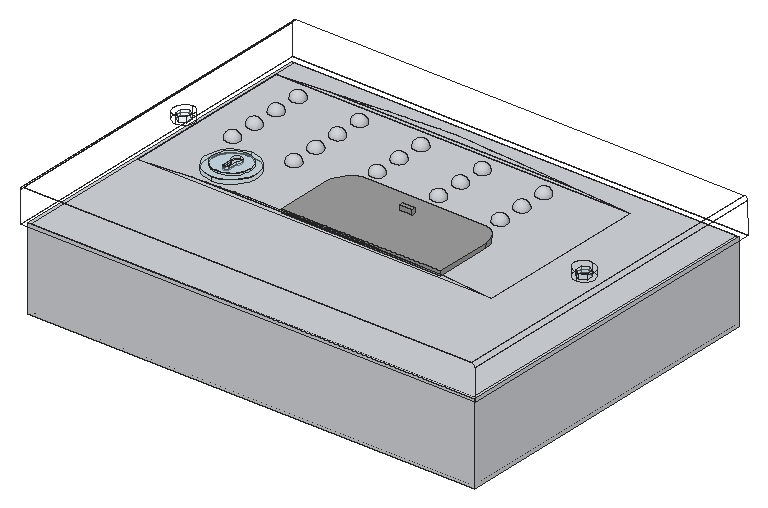
Revit family "Maxlogic söndürme durum gösterge ünitesi", category Fire Alarm Devices, host Face, Revit 2021
Family settings
  Host = Face
  Maintain Annotation Orientation = Yes
  Round Connector Dimension = Use Diameter
  Part Type = Normal
  OmniClass Number = 23.85.30.21
  OmniClass Title = Environmental Detection/Registration
  Cut with Voids When Loaded = No
  Shared = No
  Room Calculation Point = No
Parameters (values of type "Maxlogic Söndürme Durum Gösterge Ünitesi")
  Weight = "(~) 500 gr."
  Weatherproof surface mounting back box = ""
  Warranty Duration Unit = "Year"
  Warranty Duration Parts = "2"
  Warranty Duration Labor = "2"
  Version = ""
  URL = "https://www.mavili.com.tr/"
  Recessed mounting base = ""
  Public Works Pose Number = ""
  Protection Sign = ""
  Product Code = "ML-3313"
  Phone Number = "(+)90 216 466 45 05"
  Operatonal Voltage (default) = "24 V/DC"
  Operating voltage range = ""
  Operating temperature = "(-10°C) - (+55°C)"
  Nominal Depth = "58 mm"
  Nominal Wıdth = "200 mm"
  Nominal Height = "150 mm"
  Mounting surface = "Duvara montaj"
  Mounting height = ""
  Model = "MaxLogic"
  Manufacturer = "Mavili Elektronik Ticaret A.Ş."
  Installation Manual = "https://mavilielektronik.com/Revit/ML3313_kk.pdf"
  Indicator output = ""
  Fax Number = "(+)90 216 466 45 10"
  External supply = ""
  Email = "mavili@mavili.com.tr"
  Disclaimer = ""
  Device Adress Setup = ""
  Description = "Söndürme Durum Gösterge Ünitesi"
  Default Elevation = 0 mm
  Current consumption = ""
  Cost unıt = ""
  Cost = 0
  Compatible sockets = ""
  Color = "Beyaz"
  Code Performance = "EN 54-2"
  Main Material = "Metal Grey"
  Secondary Material = "White Plastic ABS"
  Battery = ""
  Address line 1 = "Şerifali Mahallesi Kutup Sokak No:27/1-2-4 Ümraniye TR-34775 İSTANBUL"
Reference planes
  plane 1 "Center (Front/Back)": y = 0
  plane 2: z = 0
  plane 3 "Center (Left/Right)": x = 0
Forms (mm)
  Extrusion 1, solid, material "Mavili elektronik 1.renk"
    sketch origin (0, 0, 0) x (1, 0, 0) y (0, 0, 1)
      loop
        arc (-97.1, 1.1) -> (-96.778, 0.322) -> (-96, 0) r 1.1
        line (-96, 0) -> (96, 0)
        arc (96, 0) -> (96.778, 0.322) -> (97.1, 1.1) r 1.1
        line (97.1, 1.1) -> (97.1, 35.6) -> (100, 35.6) -> (100, 49.242)
        arc (100, 49.242) -> (99.558, 50.309) -> (98.492, 50.75) r 1.508
        arc (98.492, 50.75) -> (0, 55.613) -> (-98.492, 50.75) r 1000
        arc (-98.492, 50.75) -> (-99.558, 50.309) -> (-100, 49.242) r 1.508
        line (-100, 49.242) -> (-100, 35.6) -> (-97.1, 35.6) -> (-97.1, 1.1)
    from 0 to 150
  Extrusion 2, void
    sketch origin (0, 0, 0) x (0, 1, 0) y (0, 0, 1)
      loop
        line (-37, 52.578) -> (-37, 54.113)
        arc (-37, 54.113) -> (-36.561, 55.173) -> (-35.5, 55.613) r 1.5
        line (-35.5, 55.613) -> (-114.5, 55.613)
        arc (-114.5, 55.613) -> (-113.439, 55.173) -> (-113, 54.113) r 1.5
        line (-113, 54.113) -> (-113, 52.578) -> (-37, 52.578)
    from -96 to 100
  Extrusion 3, void
    sketch origin (0, 0, 0) x (0, 1, 0) y (0, 0, 1)
      loop
        arc (-146, 0) -> (-146.778, 0.322) -> (-147.1, 1.1) r 1.1
        line (-147.1, 1.1) -> (-147.1, 35.6) -> (-150, 35.6) -> (-150, 0) -> (-146, 0)
      loop
        line (-4, 0) -> (0, 0) -> (0, 35.6) -> (-2.9, 35.6) -> (-2.9, 1.1)
        arc (-2.9, 1.1) -> (-3.222, 0.322) -> (-4, 0) r 1.1
    from -101.642 to 103.919
  Extrusion 4, void
    sketch origin (0, 0, 0) x (1, 0, 0) y (0, 1, 0)
      loop
        circle (-87.994, -75.02) r 4.52
      loop
        circle (88.008, -75.001) r 4.501
    from 48.237 to 52.578
  Extrusion 5, solid, material "MAVİLİ GÜMÜŞ"
    sketch origin (0, 0, 48.237) x (1, 0, 0) y (0, 1, 0)
      loop
        line (-87.994, -72.143) -> (-90.488, -73.582) -> (-90.488, -76.461) -> (-87.994, -77.9) -> (-85.501, -76.461) -> (-85.501, -73.582) -> (-87.994, -72.143)
      loop
        line (88.008, -72.143) -> (85.515, -73.582) -> (85.515, -76.461) -> (88.008, -77.9) -> (90.501, -76.461) -> (90.501, -73.582) -> (88.008, -72.143)
    from 0 to 2.498
  Revolve 6, solid
    sketch origin (0, -37, 52.578) x (0, -1, 0) y (1, 0, 0)
      loop
        arc (11.002, -61.992) -> (8.002, -58.992) -> (5.002, -61.992) r 3
        line (5.002, -61.992) -> (11.002, -61.992)
      axis (5.002, -61.992) -> (11.002, -61.992)
    angle from 5 to -180
  Revolve 7, solid
    sketch origin (0, -49, 52.578) x (0, -1, 0) y (1, 0, 0)
      loop
        arc (11.002, -61.992) -> (8.002, -58.992) -> (5.002, -61.992) r 3
        line (5.002, -61.992) -> (11.002, -61.992)
      axis (5.002, -61.992) -> (11.002, -61.992)
    angle from 5 to -180
  Revolve 8, solid
    sketch origin (0, -61, 52.578) x (0, -1, 0) y (1, 0, 0)
      loop
        arc (11.002, -61.992) -> (8.002, -58.992) -> (5.002, -61.992) r 3
        line (5.002, -61.992) -> (11.002, -61.992)
      axis (5.002, -61.992) -> (11.002, -61.992)
    angle from 5 to -180
  Revolve 9, solid
    sketch origin (0, -73, 52.578) x (0, -1, 0) y (1, 0, 0)
      loop
        arc (11.002, -61.992) -> (8.002, -58.992) -> (5.002, -61.992) r 3
        line (5.002, -61.992) -> (11.002, -61.992)
      axis (5.002, -61.992) -> (11.002, -61.992)
    angle from 5 to -180
  Revolve 10, solid
    sketch origin (27, -61, 52.578) x (0, -1, 0) y (1, 0, 0)
      loop
        arc (11.002, -61.992) -> (8.002, -58.992) -> (5.002, -61.992) r 3
        line (5.002, -61.992) -> (11.002, -61.992)
      axis (5.002, -61.992) -> (11.002, -61.992)
    angle from 5 to -180
  Revolve 11, solid
    sketch origin (27, -73, 52.578) x (0, -1, 0) y (1, 0, 0)
      loop
        arc (11.002, -61.992) -> (8.002, -58.992) -> (5.002, -61.992) r 3
        line (5.002, -61.992) -> (11.002, -61.992)
      axis (5.002, -61.992) -> (11.002, -61.992)
    angle from 5 to -180
  Revolve 12, solid
    sketch origin (27, -37, 52.578) x (0, -1, 0) y (1, 0, 0)
      loop
        arc (11.002, -61.992) -> (8.002, -58.992) -> (5.002, -61.992) r 3
        line (5.002, -61.992) -> (11.002, -61.992)
      axis (5.002, -61.992) -> (11.002, -61.992)
    angle from 5 to -180
  Revolve 13, solid
    sketch origin (27, -49, 52.578) x (0, -1, 0) y (1, 0, 0)
      loop
        arc (11.002, -61.992) -> (8.002, -58.992) -> (5.002, -61.992) r 3
        line (5.002, -61.992) -> (11.002, -61.992)
      axis (5.002, -61.992) -> (11.002, -61.992)
    angle from 5 to -180
  Revolve 14, solid
    sketch origin (54, -37, 52.578) x (0, -1, 0) y (1, 0, 0)
      loop
        arc (11.002, -61.992) -> (8.002, -58.992) -> (5.002, -61.992) r 3
        line (5.002, -61.992) -> (11.002, -61.992)
      axis (5.002, -61.992) -> (11.002, -61.992)
    angle from 5 to -180
  Revolve 15, solid
    sketch origin (54, -49, 52.578) x (0, -1, 0) y (1, 0, 0)
      loop
        arc (11.002, -61.992) -> (8.002, -58.992) -> (5.002, -61.992) r 3
        line (5.002, -61.992) -> (11.002, -61.992)
      axis (5.002, -61.992) -> (11.002, -61.992)
    angle from 5 to -180
  Revolve 16, solid
    sketch origin (81, -37, 52.578) x (0, -1, 0) y (1, 0, 0)
      loop
        arc (11.002, -61.992) -> (8.002, -58.992) -> (5.002, -61.992) r 3
        line (5.002, -61.992) -> (11.002, -61.992)
      axis (5.002, -61.992) -> (11.002, -61.992)
    angle from 5 to -180
  Revolve 17, solid
    sketch origin (81, -49, 52.578) x (0, -1, 0) y (1, 0, 0)
      loop
        arc (11.002, -61.992) -> (8.002, -58.992) -> (5.002, -61.992) r 3
        line (5.002, -61.992) -> (11.002, -61.992)
      axis (5.002, -61.992) -> (11.002, -61.992)
    angle from 5 to -180
  Revolve 18, solid
    sketch origin (108, -37, 52.578) x (0, -1, 0) y (1, 0, 0)
      loop
        arc (11.002, -61.992) -> (8.002, -58.992) -> (5.002, -61.992) r 3
        line (5.002, -61.992) -> (11.002, -61.992)
      axis (5.002, -61.992) -> (11.002, -61.992)
    angle from 5 to -180
  Revolve 19, solid
    sketch origin (108, -49, 52.578) x (0, -1, 0) y (1, 0, 0)
      loop
        arc (11.002, -61.992) -> (8.002, -58.992) -> (5.002, -61.992) r 3
        line (5.002, -61.992) -> (11.002, -61.992)
      axis (5.002, -61.992) -> (11.002, -61.992)
    angle from 5 to -180
  Revolve 20, solid
    sketch origin (54, -61, 52.578) x (0, -1, 0) y (1, 0, 0)
      loop
        arc (11.002, -61.992) -> (8.002, -58.992) -> (5.002, -61.992) r 3
        line (5.002, -61.992) -> (11.002, -61.992)
      axis (5.002, -61.992) -> (11.002, -61.992)
    angle from 5 to -180
  Revolve 21, solid
    sketch origin (81, -61, 52.578) x (0, -1, 0) y (1, 0, 0)
      loop
        arc (11.002, -61.992) -> (8.002, -58.992) -> (5.002, -61.992) r 3
        line (5.002, -61.992) -> (11.002, -61.992)
      axis (5.002, -61.992) -> (11.002, -61.992)
    angle from 5 to -180
  Revolve 22, solid
    sketch origin (108, -61, 52.578) x (0, -1, 0) y (1, 0, 0)
      loop
        arc (11.002, -61.992) -> (8.002, -58.992) -> (5.002, -61.992) r 3
        line (5.002, -61.992) -> (11.002, -61.992)
      axis (5.002, -61.992) -> (11.002, -61.992)
    angle from 5 to -180
  Extrusion 23, solid, material "MAVİLİ SARI"
    sketch origin (0, -37, 52.578) x (0, -1, 0) y (1, 0, 0)
      loop
        line (74.252, -15.992) -> (74.252, 54.008) -> (49.752, 54.008)
        arc (49.752, 54.008) -> (42.681, 51.079) -> (39.752, 44.008) r 10
        line (39.752, 44.008) -> (39.752, -5.992)
        arc (39.752, -5.992) -> (42.681, -13.063) -> (49.752, -15.992) r 10
        line (49.752, -15.992) -> (74.252, -15.992)
    from 0 to 1.874
  Extrusion 24, void
    sketch origin (54.008, -86.752, 52.578) x (0, 1, 0) y (0, 0, -1)
      loop
        line (3.775, -1.188) -> (10, -1.188) -> (10, 0) -> (3.775, 0) -> (3.775, -1.188)
    from 0 to 70
  Extrusion 25, solid, material "MAVİLİ SARI"
    sketch origin (0, -37, 54.453) x (0, -1, 0) y (1, 0, 0)
      loop
        line (48.063, 21.661) -> (48.063, 16.356) -> (49.752, 16.356) -> (49.752, 21.661) -> (48.063, 21.661)
    from 1.928 to -0.687
  Extrusion 26, solid, material "MAVİLİ GÜMÜŞ"
    sketch origin (0, -37, 52.578) x (0, -1, 0) y (1, 0, 0)
      loop
        circle (61.002, -48.492) r 11
    from 0 to 1.874
  Extrusion 27, solid, material "MAVİLİ GÜMÜŞ"
    sketch origin (0, -37, 54.453) x (0, -1, 0) y (1, 0, 0)
      loop
        circle (61.002, -48.492) r 8.113
    from 0 to 0.985
  Extrusion 28, void
    sketch origin (0, -37, 55.438) x (1, 0, 0) y (0, -1, 0)
      loop
        arc (-48.492, 56.006) -> (-46.475, 57.511) -> (-47.343, 59.872) r 2.104
        line (-47.343, 59.872) -> (-47.343, 64.099)
        arc (-47.343, 64.099) -> (-47.68, 64.912) -> (-48.492, 65.248) r 1.149
        arc (-48.492, 65.248) -> (-49.304, 64.912) -> (-49.641, 64.099) r 1.149
        line (-49.641, 64.099) -> (-49.641, 59.872)
        arc (-49.641, 59.872) -> (-50.508, 57.511) -> (-48.492, 56.006) r 2.104
    from 0 to 1.579
  Extrusion 29, solid
    sketch origin (0, -37, 55.438) x (0, -1, 0) y (1, 0, 0)
      loop
        line (-34.395, -98.609) -> (110.608, -98.609) -> (110.608, 97.9) -> (-34.395, 97.9) -> (-34.395, -98.609)
    from -55.438 to -19.838
Cuts and joins
  Extrusion 2, Extrusion 3, Extrusion 4, Extrusion 24, Extrusion 28 cuts Extrusion 1
  Extrusion 24 cuts Revolve 9
  Extrusion 24 cuts Revolve 11
  Extrusion 24 cuts Extrusion 23
  Extrusion 28 cuts Extrusion 26
  Extrusion 28 cuts Extrusion 27
Dimensions and locks
  cut or joined group of Extrusion 1, Extrusion 2, Extrusion 3, Extrusion 4, Extrusion 24, Extrusion 28 to cut or joined group of Extrusion 1, Extrusion 2, Extrusion 3, Extrusion 4, Extrusion 24, Extrusion 28 = 200 mm
  cut or joined group of Extrusion 1, Extrusion 2, Extrusion 3, Extrusion 4, Extrusion 24, Extrusion 28 to cut or joined group of Extrusion 1, Extrusion 2, Extrusion 3, Extrusion 4, Extrusion 24, Extrusion 28 = 150 mm
  aligned and locked: plane 2 to host face
  aligned and locked: level to host face
